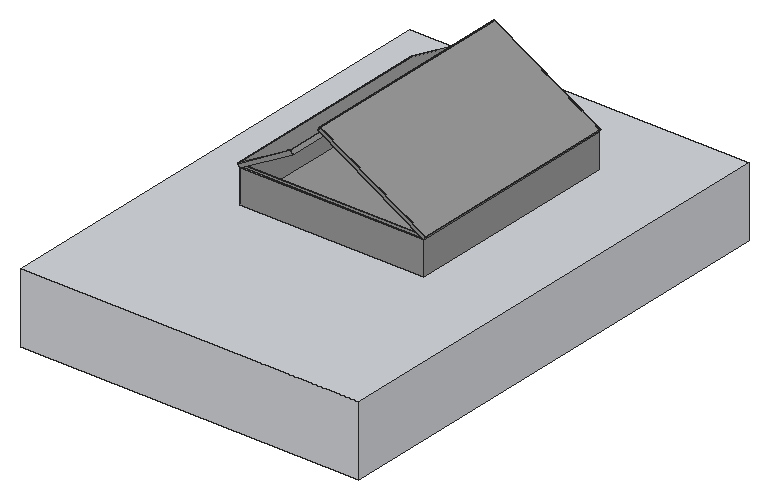
Revit family "Hager-Univers-IP44-D161-Cl.II-FWQ-encl-AT-de", category Equipement électrique, Revit 2020
Family settings
  Hôte = Face
  Configuration du panneau = Deux colonnes, circuits au sein
  Cote de connecteur circulaire = Utiliser le diamètre
  Type d'élément = Tableau de raccordement
  Couper avec des vides une fois chargée = Non
  Partagée = Non
  Point de calcul de pièce = Non
Parameters (values of type "Aufputz IP44 B800 H950 T161  - FWQ63N")
  Width Control [instance] = if([EF000008 - Breite] > Min Width, [EF000008 - Breite], Min Width)  # 800 mm
  Commentaires du type = [HG000003 - Bereich]  # "Univers"
  Thickness Door [instance] = if([EF009171 - Materialstärke Tür/Deckel] > 3 mm, 3 mm, [EF009171 - Materialstärke Tür/Deckel])  # 2 mm
  Seal Frame Offset [instance] = 17 mm  # constant formula
  Plinth Visibility [instance] = [HG000027 - Sockelhöhe] > 0 mm  # no
  Model = ""
  Min Width [instance] = 100 mm  # constant formula
  Min Height [instance] = 100 mm  # constant formula
  Min Depth [instance] = (2 * [EF009170 - Materialstärke Gehäuse]) + 1 mm  # 5 mm
  Internal Frame Depth [instance] = (Door System Depth * 0.5)  # 9 mm
  Height Control [instance] = if([EF000040 - Höhe] > Min Height, [EF000040 - Höhe], Min Height)  # 950 mm
  HG000027 - Sockelhöhe = 0 mm
  HG000026 - Stehend auf dem Boden = no
  HG000024 - Höhe des unteren Teils = 800 mm
  HG000023 - Gehäuse mit doppeltem Querschnitt = no
  HG000016 - 3D-Türsichtbarkeit [instance] = yes
  HG000015 - Sichtbarkeit der Türöffnung [instance] = no
  HG000014 - Tür rechts [instance] = yes
  HG000013 - Tür links [instance] = not([HG000014 - Tür rechts])  # no
  HG000012 - Türschwenkwinkel [instance] = 30.00°
  HG000010 - Asymmetrische Türen = yes
  HG000009 - Doppelflügeligen Tür = yes
  HG000006 - Unterputz = no
  HG000004 - Herstellerreferenz = "FWQ63N"
  HG000003 - Bereich = "Univers"
  HG000002 - Mit tür = yes
  Frame Offset Bottom [instance] = 10 mm  # constant formula
  Frame Offset [instance] = 15 mm  # constant formula
  EF015940 - Deckel mit Überdruckentlastung = no
  EF011959 - Schutzart (NEMA) = ""
  EF009554 - Anzahl der Öffnungen für Flanschplatten = 6
  Fabricant = "Hager"  # constant formula
  EF009212 - Ausführung Deckel = "EV009916 - mit Ausschnitt"
  EF009171 - Materialstärke Tür/Deckel = 2 mm
  EF009170 - Materialstärke Gehäuse = 2 mm
  EF008873 - Nennstrom (In) = 125 A
  EF007800 - Geeignet für Blitzschutz = no
  EF006306 - Mit Schloss = no
  EF006244 - Transparenter Deckel/Tür = no
  EF005474 - Schutzart (IP) = "EV006418 - IP44"
  EF004464 - Art der Tür = "EV002646 - Einzel"
  EF004427 - Anzahl der Module = 144
  EF004293 - Schlagfestigkeit = "EV006815 - IK09"
  EF003532 - Geeignet für Außengebrauch = no
  EF002950 - Breite in Teilungseinheiten = 36
  EF001613 - Funktionserhalt = "EV000494 - ohne"
  EF001596 - Werkstoff des Gehäuses = "EV000179 - Stahl"
  EF001131 - Innentiefe = 161 mm
  EF001088 - Anbaumöglichkeit = yes
  EF000437 - Anzahl der Leitungseinführungen = 12
  EF000339 - Art der Abdeckung = "EV001012 - Deckel"
  EF000266 - Anzahl der Reihen = 3
  EF000218 - Einbautiefe = 0 mm
  EF000118 - Mit Montageplatte = yes
  EF000116 - RAL-Nummer = "9010"
  EF000049 - Tiefe = 161 mm
  EF000040 - Höhe = 950 mm
  EF000008 - Breite = 800 mm
  EF000007 - Farbe = "EV000202 - weiß"
  EF000003 - Montageart = "EV000384 - Aufputz"
  Door System Leaf Tolerance [instance] = 1.5 mm  # constant formula
  Door System Depth [instance] = 18 mm  # constant formula
  Door Height [instance] = Height Control - [HG000027 - Sockelhöhe]  # 950 mm
  Depth Control [instance] = if([EF000049 - Tiefe] > Min Depth, [EF000049 - Tiefe], Min Depth)  # 161 mm
  Default Elevation = 0 mm
  Connector Offset [instance] = Height Control / 2  # 475 mm
  Bottom Top Plate Trim [instance] = 1.5 mm  # constant formula
  Plinth height Ctrl [instance] = if([HG000027 - Sockelhöhe] > 0 mm, [HG000027 - Sockelhöhe], 12 mm)  # 12 mm
Types (14, lengths in mm): name | Width Control | Height Control | HG000010 - Asymmetrische Türen | HG000009 - Doppelflügeligen Tür | HG000004 - Herstellerreferenz | EF009554 - Anzahl der Öffnungen für Flanschplatten | EF004427 - Anzahl der Module | EF002950 - Breite in Teilungseinheiten | EF000437 - Anzahl der Leitungseinführungen | EF000266 - Anzahl der Reihen | EF000040 - Höhe | EF000008 - Breite | Door Height | Connector Offset
  Aufputz IP44 B1050 H1100 T161  - FWQ74N | 1050 | 1100 | no | yes | "FWQ74N" | 8 | 240 | 48 | 16 | 4 | 1100 | 1050 | 1100 | 550
  Aufputz IP44 B1050 H500 T161  - FWQ34P | 1050 | 500 | no | yes | "FWQ34P" | 8 | 144 | 48 | 16 | 4 | 500 | 1050 | 500 | 250
  Aufputz IP44 B1050 H650 T161  - FWQ44P | 1050 | 650 | no | yes | "FWQ44P" | 8 | 192 | 48 | 16 | 4 | 650 | 1050 | 650 | 325
  Aufputz IP44 B300 H650 T161  - FWQ41P | 300 | 650 | no | no | "FWQ41P" | 2 | 48 | 12 | 4 | 1 | 650 | 300 | 650 | 325
  Aufputz IP44 B550 H1100 T161  - FWQ72N | 550 | 1100 | no | no | "FWQ72N" | 4 | 120 | 24 | 8 | 2 | 1100 | 550 | 1100 | 550
  Aufputz IP44 B550 H500 T161  - FWQ32P | 550 | 500 | no | no | "FWQ32P" | 4 | 96 | 24 | 8 | 8 | 500 | 550 | 500 | 250
  Aufputz IP44 B550 H650 T161  - FWQ42P | 550 | 650 | no | no | "FWQ42P" | 4 | 96 | 24 | 8 | 2 | 650 | 550 | 650 | 325
  Aufputz IP44 B550 H800 T161  - FWQ52N | 550 | 800 | no | no | "FWQ52N" | 4 | 72 | 24 | 8 | 2 | 800 | 550 | 800 | 400
  Aufputz IP44 B550 H950 T161  - FWQ62N | 550 | 950 | no | no | "FWQ62N" | 4 | 96 | 24 | 8 | 2 | 950 | 550 | 950 | 475
  Aufputz IP44 B800 H1100 T161  - FWQ73N | 800 | 1100 | yes | yes | "FWQ73N" | 6 | 180 | 36 | 12 | 3 | 1100 | 800 | 1100 | 550
  Aufputz IP44 B800 H500 T161  - FWQ33P | 800 | 500 | yes | yes | "FWQ33P" | 6 | 108 | 36 | 12 | 3 | 500 | 800 | 500 | 250
  Aufputz IP44 B800 H650 T161  - FWQ43P | 800 | 650 | yes | yes | "FWQ43P" | 6 | 144 | 36 | 12 | 3 | 650 | 800 | 650 | 325
  Aufputz IP44 B800 H800 T161  - FWQ53N | 800 | 800 | yes | yes | "FWQ53N" | 6 | 108 | 36 | 12 | 3 | 800 | 800 | 800 | 400
  Aufputz IP44 B800 H950 T161  - FWQ63N | 800 | 950 | yes | yes | "FWQ63N" | 6 | 144 | 36 | 12 | 3 | 950 | 800 | 950 | 475
Reference planes
  plane 1 "Center (Front/Back)": y = 0
  plane 2: z = 0
  plane 3 "Center (Left/Right)": x = 0
  plane 4: z = 161
  plane 5: y = 2
  plane 6: y = 475
  plane 7: y = 0
  plane 8: y = 950
  plane 9: z = 0
  plane 10: x = -385
  plane 11: x = 385
  plane 12: x = 383
  plane 13: x = -383
  plane 14: y = 948
  plane 15: x = -383
  plane 16: x = -400
  plane 17: x = 383
  plane 18: x = 400
  plane 19: x = 398
  plane 20: x = -398
  plane 21: y = 12
  plane 22: y = 950
  plane 23: y = 933
  plane 24: z = 143
  plane 25: z = 2
  plane 26: z = 141
  plane 27: z = 159
Forms (mm)
  Extrusion 1, solid
    sketch origin (0, 0, 0) x (1, 0, 0) y (0, 1, 0)
      loop
        line (-702.964, 1305) -> (-702.964, -811.445) -> (766.763, -811.445) -> (766.763, 1305) -> (-702.964, 1305)
    from 0 to -304.8
  Extrusion 2, solid, material "Hager_Steel_RAL7035_Light_Grey", visible <- "Plinth Visibility", detail levels medium+fine
    sketch origin (0, 0, 0) x (1, 0, 0) y (0, 1, 0)
      loop
        line (-400, 0) -> (400, 0) -> (400, 12) -> (-400, 12) -> (-400, 0)
    from 0 to 143
  Extrusion 3, solid, material "Hager_Steel_RAL7035_Light_Grey", detail levels medium+fine
    sketch origin (0, 0, 0) x (1, 0, 0) y (0, 1, 0)
      loop
        line (-400, 0) -> (400, 0) -> (400, 950) -> (-400, 950) -> (-400, 0)
    from 0 to 143
  Extrusion 4, void
    sketch origin (0, 0, 0) x (1, 0, 0) y (0, 1, 0)
      loop
        line (-398, 2) -> (398, 2) -> (398, 948) -> (-398, 948) -> (-398, 2)
    from 2 to 141
  Extrusion 5, void
    sketch origin (-381.607, -4572, 143) x (0, -1, 0) y (-1, 0, 0)
      loop
        line (-4584, 1.393) -> (-5505, 1.393) -> (-5505, -764.607) -> (-4584, -764.607) -> (-4584, 1.393)
    from 0 to 2 <- "EF009170 - Materialstärke Gehäuse"
  Extrusion 6, solid, material "Hager_Steel_RAL7035_Light_Grey", detail levels fine
    sketch origin (0, 0, 143) x (1, 0, 0) y (0, 1, 0)
      loop
        line (-383, 933) -> (-383, 12) -> (383, 12) -> (383, 933) -> (-383, 933)
      loop
        line (-385, 10) -> (385, 10) -> (385, 935) -> (-385, 935) -> (-385, 10)
    from 0 to 9 <- "Internal Frame Depth"
  Extrusion 7, solid, material "Hager_Steel_RAL7035_Light_Grey", detail levels coarse
    sketch origin (0, 0, 0) x (1, 0, 0) y (0, 1, 0)
      loop
        line (-400, 0) -> (400, 0) -> (400, 950) -> (-400, 950) -> (-400, 0)
    from 0 to 161
  Sweep 8, void
    path in 3D
      loop
        line (-400, 12, 0) -> (400, 12, 0) -> (400, 12, 143) -> (-400, 12, 143) -> (-400, 12, 0)
    profile origin (-400, 12, 71.5) x (-1, 0, 0) y (0, -1, 0)
      loop
        line (0, 0) -> (0, 1.5) -> (-1.5, 1.5)
        arc (-1.5, 1.5) -> (-1.061, 0.439) -> (0, 0) r 1.5
Cuts and joins
  Extrusion 4, Extrusion 5 cuts Extrusion 3
  Sweep 8 cuts Extrusion 2
Lines and regions (mm)
  Masking region 1
    outline origin (0, 0, 0) x (1, 0, 0) y (0, 0, 1)
      loop
        line (-400, 161) -> (-400, 0) -> (400, 0) -> (400, 161) -> (-400, 161)
  Masking region 2, detail levels medium+fine
    outline origin (0, 140, 0) x (0, 1, 0) y (0, 0, 1)
      loop
        line (-140, 0) -> (810, 0) -> (810, 143) -> (-140, 143) -> (-140, 0)
  Masking region 3, not visible, detail levels medium+fine
    outline origin (0, 297.922, 0) x (0, 1, 0) y (0, 0, 1)
      loop
        line (188.578, 0) -> (228.578, 0) -> (228.578, 149)
        arc (228.578, 149) -> (225.649, 156.071) -> (218.578, 159) r 10
        line (218.578, 159) -> (188.578, 159) -> (188.578, 0)
  Masking region 4, detail levels coarse
    outline origin (0, 0, 180) x (0, 1, 0) y (0, 0, 1)
      loop
        line (0, -180) -> (950, -180) -> (950, -19) -> (0, -19) -> (0, -180)
  Masking region 5, visible <- "Plinth Visibility", detail levels medium+fine
    outline origin (0, 52.24, 12.345) x (0, 0, -1) y (0, 1, 0)
      loop
        line (10.845, -40.24) -> (-129.155, -40.24)
        arc (-129.155, -40.24) -> (-129.594, -41.301) -> (-130.655, -41.74) r 1.5
        line (-130.655, -41.74) -> (-130.655, -52.24) -> (12.345, -52.24) -> (12.345, -41.74)
        arc (12.345, -41.74) -> (11.285, -41.301) -> (10.845, -40.24) r 1.5
  Masking region 6, detail levels medium+fine
    outline origin (-381.607, -4572, 143) x (-1, 0, 0) y (0, -1, 0)
      loop
        line (18.393, -5522) -> (18.393, -4572) -> (-781.607, -4572) -> (-781.607, -5522) -> (18.393, -5522)
  Masking region 7, visible <- "Plinth Visibility", detail levels medium+fine
    outline origin (-381.607, -4727, 143) x (-1, 0, 0) y (0, -1, 0)
      loop
        arc (16.893, -4739) -> (17.332, -4737.939) -> (18.393, -4737.5) r 1.5
        line (18.393, -4737.5) -> (18.393, -4727) -> (-781.607, -4727) -> (-781.607, -4737.5)
        arc (-781.607, -4737.5) -> (-780.546, -4737.939) -> (-780.107, -4739) r 1.5
        line (-780.107, -4739) -> (16.893, -4739)
  Masking region 8, detail levels coarse
    outline origin (-442.548, -4669.526, 143) x (-1, 0, 0) y (0, -1, 0)
      loop
        line (-42.548, -5619.526) -> (-42.548, -4669.526) -> (-842.548, -4669.526) -> (-842.548, -5619.526) -> (-42.548, -5619.526)
  sketch lines
    curve 1: line (-400, 12, 143) -> (-400, 12, 0)
    curve 2: line (400, 12, 143) -> (-400, 12, 143)
    curve 3: line (400, 12, 143) -> (400, 12, 0)
    curve 4: line (-400, 12, 0) -> (400, 12, 0)
Dimensions and locks
  "Depth Control": plane 4 to Extrusion 1
  "HG000027 - Sockelhöhe": plane 1 "Center (Front/Back)" to plane 7
  "EF009170 - Materialstärke Gehäuse": plane 5 to plane 7
  locked: connector elem to plane 3 "Center (Left/Right)"
  equal spacing: plane 8, plane 6, plane 7
  locked: connector elem to plane 6
  "EF009170 - Materialstärke Gehäuse": plane 8 to plane 14
  "EF009170 - Materialstärke Gehäuse": plane 10 to plane 13
  "EF009170 - Materialstärke Gehäuse": plane 12 to plane 11
  "Frame Offset": plane 20 to plane 13
  "Frame Offset": plane 12 to plane 19
  "EF009170 - Materialstärke Gehäuse": plane 16 to plane 20
  "EF009170 - Materialstärke Gehäuse": plane 19 to plane 18
  "Seal Frame Offset": plane 16 to plane 15
  "Seal Frame Offset": plane 17 to plane 18
  "Frame Offset Bottom": plane 21 to plane 5
  "Frame Offset": plane 14 to plane 23
  equal spacing: plane 16, plane 3 "Center (Left/Right)", plane 18
  "Width Control": plane 16 to plane 18
  "EF009170 - Materialstärke Gehäuse": plane 4 to plane 27
  "EF009170 - Materialstärke Gehäuse": plane 24 to plane 26
  "EF009170 - Materialstärke Gehäuse": plane 25 to level
  "Door System Depth": plane 4 to plane 24
  "Height Control": plane 1 "Center (Front/Back)" to Extrusion 7 sketch curve
  "Height Control": Masking region 4 sketch curve to plane 1 "Center (Front/Back)"
  "Height Control": plane 1 "Center (Front/Back)" to plane 22
  "Bottom Top Plate Trim": profile plane to Sweep 8 sketch curve
  "Bottom Top Plate Trim": Sweep 8 sketch curve to profile plane
  "Plinth height Ctrl": plane 1 "Center (Front/Back)" to Extrusion 2 sketch curve
  "Plinth height Ctrl": Masking region 5 sketch curve to plane 1 "Center (Front/Back)"
  "Plinth height Ctrl": plane 1 "Center (Front/Back)" to Masking region 7 sketch curve
  "Thickness Door": Extrusion 6 sketch curve to Extrusion 6 sketch curve  (x3)
  "Thickness Door": cut or joined group of Extrusion 3, Extrusion 4, Extrusion 5 to Extrusion 6 sketch curve
  radius of Masking region 3 sketch curve = 10 mm
  "Bottom Top Plate Trim": radius of Masking region 5 sketch curve  (x2)
  "Bottom Top Plate Trim": radius of Sweep 8 sketch curve
  "Bottom Top Plate Trim": radius of Masking region 7 sketch curve  (x2)
  aligned and locked: plane 2 to Extrusion 1
  aligned and locked: level to Extrusion 1
  aligned and locked: level to Masking region 1 sketch curve
  aligned and locked: Masking region 1 sketch curve to plane 18
  aligned and locked: Masking region 1 sketch curve to plane 16
  aligned and locked: plane 7 to Masking region 2 sketch curve
  aligned and locked: level to Masking region 3 sketch curve
  aligned and locked: Masking region 3 sketch curve to plane 27
  aligned and locked: level to Masking region 2 sketch curve
  aligned and locked: plane 1 "Center (Front/Back)" to Extrusion 2 sketch curve
  aligned and locked: Extrusion 3 sketch curve to plane 7
  aligned and locked: plane 16 to Extrusion 3 sketch curve
  aligned and locked: plane 18 to Extrusion 3 sketch curve
  aligned and locked: plane 20 to Extrusion 4 sketch curve
  aligned and locked: plane 19 to Extrusion 4 sketch curve
  aligned and locked: Extrusion 4 sketch curve to plane 5
  aligned and locked: Extrusion 4 to plane 25
  aligned and locked: plane 26 to Extrusion 4
  aligned and locked: plane 24 to Extrusion 3
  aligned and locked: Extrusion 5 sketch curve to plane 21
  aligned and locked: Extrusion 5 sketch curve to plane 13
  aligned and locked: Extrusion 5 sketch curve to plane 12
  aligned and locked: plane 18 to Extrusion 7 sketch curve
  aligned and locked: plane 1 "Center (Front/Back)" to Extrusion 7 sketch curve
  aligned and locked: plane 16 to Extrusion 7 sketch curve
  aligned and locked: plane 4 to Extrusion 7
  aligned and locked: Extrusion 7 to level
  aligned and locked: level to Masking region 4 sketch curve
  aligned and locked: Masking region 4 sketch curve to plane 1 "Center (Front/Back)"
  aligned and locked: Masking region 4 sketch curve to plane 4
  aligned and locked: nested 1 to level
  aligned and locked: nested 1 to plane 16
  aligned and locked: plane 8 to Extrusion 3 sketch curve
  aligned and locked: plane 23 to Extrusion 5 sketch curve
  aligned and locked: plane 14 to Extrusion 4 sketch curve
  aligned and locked: Masking region 2 sketch curve to plane 8
  aligned and locked: level to Masking region 5 sketch curve
  aligned and locked: plane 16 to Extrusion 2 sketch curve
  aligned and locked: plane 18 to Extrusion 2 sketch curve
  aligned and locked: Masking region 5 sketch curve to plane 24
  aligned and locked: Masking region 2 sketch curve to plane 24
  aligned and locked: plane 24 to Extrusion 2
  aligned and locked: profile plane to Sweep 8 sketch curve  (x2)
  aligned and locked: Masking region 6 sketch curve to plane 18
  aligned and locked: Masking region 6 sketch curve to plane 22
  aligned and locked: Masking region 6 sketch curve to plane 16
  aligned and locked: plane 8 to plane 22
  aligned and locked: Masking region 6 sketch curve to plane 7
  aligned and locked: Masking region 7 sketch curve to plane 16
  aligned and locked: Masking region 7 sketch curve to plane 1 "Center (Front/Back)"
  aligned and locked: Masking region 7 sketch curve to plane 18
  aligned and locked: Masking region 8 sketch curve to plane 1 "Center (Front/Back)"
  aligned and locked: Masking region 8 sketch curve to plane 18
  aligned and locked: Masking region 8 sketch curve to plane 22
  aligned and locked: Masking region 8 sketch curve to plane 16
  aligned and locked: nested 2 to plane 7
  aligned and locked: plane 3 "Center (Left/Right)" to nested 2
  aligned and locked: nested 2 to plane 24
  aligned and locked: Extrusion 6 sketch curve to cut or joined group of Extrusion 3, Extrusion 4, Extrusion 5  (x4)
Automatic sketch dimensions
  Extrusion 1 sketch curve to Extrusion 1 sketch curve = 1469.727 mm
  Extrusion 1 sketch curve to Extrusion 1 sketch curve = 2116.445 mm
  Masking region 1 sketch curve to plane 4 = 0 mm
  plane 6 to Masking region 3 sketch curve = 11.5 mm
  Masking region 3 sketch curve to Masking region 3 sketch curve = 30 mm
  Masking region 5 sketch curve to plane 1 "Center (Front/Back)" = 0 mm
Nested families
  nested 1: "Hager_Enclosure_Symbol" at (-400, 0, 0) x (1, 0, 0) z (0, -1, 0), Height <- "Depth Control", Width <- "Width Control", type "Hager_Enclosure_Symbol"
    with Width_Ctrl 800 mm, Width 800 mm, Height_Ctrl 161 mm, Height 161 mm, A_Width_Int 10.566 mm, A_Width 126.788 mm, A_Height_Ctrl 140.875 mm, A_Height 140.875 mm
  nested 2: "EC000058_Univers_Door" at (0, 0, 143) x (1, 0, 0) z (0, 1, 0), Leaf_Tolerance <- "Door System Leaf Tolerance", Angle <- "HG000012 - Türschwenkwinkel", Door_Depth <- "Door System Depth", Door_Left <- "HG000013 - Tür links", Transparent <- "EF006244 - Transparenter Deckel/Tür", Assymetrical <- "HG000010 - Asymmetrische Türen", Width <- "Width Control", Clearance <- "HG000015 - Sichtbarkeit der Türöffnung", Double <- "HG000009 - Doppelflügeligen Tür", 3d_Door <- "HG000016 - 3D-Türsichtbarkeit", Lock_Visibility <- "EF006306 - Mit Schloss", Width_Ctrl <- "Width Control", Door_Right <- "HG000014 - Tür rechts", Door <- "HG000002 - Mit tür", Height <- "Door Height", Thickness <- "Thickness Door", type "EC000058_Univers_Door", detail levels medium+fine
    with min_wh 5 mm, Width_Ctrl 800 mm, Width 800 mm, Transparent no, Thickness 2 mm, Seal_Material Hager_Rubber, Lock_Visibility no, Lock_Material Hager_Plastic_RAL9005_Jet_Black, Leaf_Width 800 mm, Leaf_Tolerance_External_Sides 0 mm, Leaf_Tolerance 1.5 mm, Leaf_Offset 0 mm, Leaf_Height 947 mm, Leaf_2_Width 532.583 mm, Leaf_2_Offset 266.292 mm, Leaf_1_Width 265.917 mm, Leaf_1_Offset 132.958 mm, Height_Ctrl 950 mm, Height 950 mm, Glass_Material Hager_Glass, Double_Clearance_Ctrl no, Double yes, Door_Right_Ctrl yes, Door_Right yes, Door_Material Hager_Steel_RAL7035_Light_Grey, Door_Left_Ctrl yes, Door_Left no, Door_Depth 18 mm, Door yes, Clearance_Material Hager_Clearance, Clearance_Depth 532.583 mm, Clearance_Ctrl no, Clearance no, Assymetrical yes, Angle 30.00°, 3d_Door yes
Connectors
  electrical at (0, 475, 0)
    settings: on plane 9, index 1, voltage 0 V, apparent load 0 VA, apparent load phase1 0 VA, apparent load phase2 0 VA, apparent load phase3 0 VA, power factor 1, load classification "Other", number of poles 1, system type 30, power factor state 1, is connector primary yes, connector utility no, sub classification motor no, connector description ""
Definition of nested family "EC000058_Univers_Door"
  Parameters (values of type "EC000058_Univers_Door")
    min_wh [instance] = (2 * Thickness) + 1 mm  # 11 mm
    Width_Ctrl [instance] = 400 mm
    Width [instance] = 500 mm
    Transparent [instance] = yes
    Thickness [instance] = 5 mm
    Seal_Material [instance] = none
    Lock_Visibility [instance] = yes
    Lock_Material [instance] = none
    Leaf_Width [instance] = if((Width_Ctrl - 2 * Leaf_Tolerance_External_Sides) > 0 mm, (Width_Ctrl - 2 * Leaf_Tolerance_External_Sides), min_wh)  # 400 mm
    Leaf_Tolerance_External_Sides [instance] = 0 mm  # constant formula
    Leaf_Tolerance [instance] = 1.5 mm
    Leaf_Offset [instance] = 0 mm  # constant formula
    Leaf_Height [instance] = if((Height_Ctrl - 2 * Leaf_Tolerance) > 0 mm, (Height_Ctrl - 2 * Leaf_Tolerance), min_wh)  # 497 mm
    Leaf_2_Width [instance] = if(and(and(Double, Assymetrical), Door_Left), (Leaf_Width / 3) - (Leaf_Tolerance / 2), if(and(and(Double, Assymetrical), Door_Right), (Leaf_Width / 3) * 2 - (Leaf_Tolerance / 2), if(and(Double, not(Assymetrical)), (Leaf_Width / 2) - Leaf_Tolerance, Leaf_Width)))  # 400 mm
    Leaf_2_Offset [instance] = if(and(Double, Assymetrical), Leaf_2_Width / 2, if(and(Double, not(Assymetrical)), Leaf_Width / 4, Leaf_Width / 2))  # 200 mm
    Leaf_1_Width [instance] = if(and(and(Double, Assymetrical), Door_Right), (Leaf_Width / 3) - (Leaf_Tolerance / 2), if(and(and(Double, Assymetrical), Door_Left), (Width / 3) * 2 - (Leaf_Tolerance / 2), if(and(Double, not(Assymetrical)), (Leaf_Width / 2) - Leaf_Tolerance, Leaf_Width)))  # 400 mm
    Leaf_1_Offset [instance] = if(and(Double, Assymetrical), Leaf_1_Width / 2, if(and(Double, not(Assymetrical)), Leaf_Width / 4, Leaf_Width / 2))  # 200 mm
    Height_Ctrl [instance] = if(Height > min_wh, Height, min_wh)  # 500 mm
    Height [instance] = 500 mm
    Glass_Material [instance] = none
    Double_Clearance_Ctrl [instance] = and(Double, Clearance)  # no
    Double [instance] = no
    Door_Right_Ctrl [instance] = and(or(Door_Right, Double), Door)  # yes
    Door_Right [instance] = yes
    Door_Material [instance] = none
    Door_Left_Ctrl [instance] = and(or(Door_Left, Double), Door)  # no
    Door_Left [instance] = no
    Door_Depth [instance] = 30 mm
    Door [instance] = yes
    Default Elevation = 1219.2 mm
    Clearance_Material [instance] = none
    Clearance_Depth [instance] = if(Leaf_1_Width > Leaf_2_Width, Leaf_1_Width, Leaf_2_Width)  # 400 mm
    Clearance_Ctrl [instance] = and(not(Double), Clearance)  # yes
    Clearance [instance] = yes
    Assymetrical [instance] = yes
    Angle [instance] = 30.00°
    3d_Door [instance] = yes
  Reference planes
    plane 1 "Center (Front/Back)": y = 0
    plane 2 "Bottom": z = 0
    plane 3 "Center (Left/Right)": x = 0
    plane 4: z = 500
    plane 5: x = -200
    plane 6: x = 200
    plane 7: z = 500
    plane 8: x = -200
    plane 9: z = 0
    plane 10: x = 200
    plane 11: y = 0
    plane 12: z = 1.5
    plane 13: x = -600
    plane 14: y = -400
    plane 15: x = 600
    plane 16: x = 0
    plane 17: x = 0
    plane 18: x = -200
    plane 19: x = 200
    plane 20: z = 498.5
  Forms (mm)
    Extrusion 1, solid, material <- "Clearance_Material", visible <- "Double_Clearance_Ctrl"
      sketch origin (1200, 0, 0) x (1, 0, 0) y (0, 0, -1)
        loop
          line (-1800, -498.5) -> (-600, -498.5) -> (-600, 0) -> (-1800, 0) -> (-1800, -498.5)
      from 0 to -400
  Dimensions and locks
    equal spacing: plane 5, plane 3 "Center (Left/Right)", plane 6
    "Width_Ctrl": plane 5 to plane 6
    "Leaf_Offset": plane 5 to plane 8
    "Leaf_Offset": plane 6 to plane 10
    "Leaf_Offset": plane 9 to level
    "Leaf_Offset": plane 4 to plane 7
    "Height_Ctrl": plane 4 to level
    "Leaf_Tolerance": plane 12 to plane 9
    locked: plane 11 to plane 1 "Center (Front/Back)"
    "Leaf_1_Offset": plane 18 to plane 16
    "Leaf_2_Offset": plane 17 to plane 19
    "Leaf_1_Width": plane 13 to plane 8
    "Leaf_2_Width": plane 10 to plane 15
    "Clearance_Depth": plane 14 to plane 1 "Center (Front/Back)"
    "Leaf_Tolerance_External_Sides": plane 8 to plane 18
    "Leaf_Tolerance_External_Sides": plane 19 to plane 10
    "Leaf_Tolerance": plane 7 to plane 20
    aligned and locked: level to plane 2 "Bottom"
    aligned and locked: nested 1 to plane 16
    aligned and locked: nested 2 to plane 17
    aligned and locked: Extrusion 1 to plane 13
    aligned and locked: plane 15 to Extrusion 1
    aligned and locked: Extrusion 1 to plane 14
    aligned and locked: plane 12 to nested 1
    aligned and locked: nested 2 to plane 12
    aligned and locked: Extrusion 1 to plane 11
    aligned and locked: plane 20 to Extrusion 1
    aligned and locked: nested 2 to plane 11
    aligned and locked: nested 1 to plane 11
  Automatic sketch dimensions
    Extrusion 1 sketch curve to level = 0 mm
    plane 5 to Extrusion 1 sketch curve = 400 mm
    plane 6 to Extrusion 1 sketch curve = 400 mm
    Extrusion 1 sketch curve to plane 4 = 1.5 mm
  Nested families
    nested 1: "EC000058_Univers_Door_Leaf" at (0, 0, 1.5), Width <- "Leaf_1_Width", visible <- "Door_Left_Ctrl", Leaf_Height <- "Leaf_Height", Angle <- "Angle", 3d_Door <- "3d_Door", Transparent <- "Transparent", Clearance Material <- "Clearance_Material", Clearance <- "Clearance_Ctrl", Door_Material <- "Door_Material", Glass_Material <- "Glass_Material", Door_Depth <- "Door_Depth", Lock_Material <- "Lock_Material", Seal_Material <- "Seal_Material", Lock_Visibility <- "Lock_Visibility", Thickness <- "Thickness", type "EC000058_Univers_Door_Leaf"
      with Width 400 mm, Transparent_Glass_Offset 30 mm, Transparent_Ctrl yes, Transparent yes, Thickness 5 mm, Standard no, Seal_Material none, Seal_D2 8 mm, Seal_D1 1 mm, Offset_Internal_Frame 10 mm, Lock_Width 20 mm, Lock_Visibility_3d yes, Lock_Visibility yes, Lock_Thickness_3 3 mm, Lock_Thickness_2 1 mm, Lock_Thickness_1 3 mm, Lock_Radius_Offset_2 16 mm, Lock_Radius_Offset_1 15 mm, Lock_Radius_2 5 mm, Lock_Radius 6 mm, Lock_Offset 5 mm, Lock_Material none, Lock_Height 80 mm, Lock_Cover_Top_Offset_2d 17 mm, Lock_Cover_Height -65 mm, Leaf_Height 497 mm, Internal_Seal_Thickness 8 mm, Internal_Seal_Depth_2 4.5 mm, Internal_Frame_Depth 25 mm, Glass_Thickness -1 mm, Glass_Offset -2 mm, Glass_Material none, Door_Material none, Door_Depth 30 mm, Clearance Material none, Clearance yes, Angle_Ctrl 30.00°, Angle 30.00°, 3d_Door yes
    nested 2: "EC000058_Univers_Door_Leaf" at (0, 0, 1.5) x (-1, 0, 0) z (0, 0, 1), Width <- "Leaf_2_Width", visible <- "Door_Right_Ctrl", Leaf_Height <- "Leaf_Height", Angle <- "Angle", 3d_Door <- "3d_Door", Transparent <- "Transparent", Clearance Material <- "Clearance_Material", Clearance <- "Clearance_Ctrl", Door_Material <- "Door_Material", Glass_Material <- "Glass_Material", Door_Depth <- "Door_Depth", Lock_Material <- "Lock_Material", Seal_Material <- "Seal_Material", Lock_Visibility <- "Lock_Visibility", Thickness <- "Thickness", type "EC000058_Univers_Door_Leaf"
      with Width 400 mm, Transparent_Glass_Offset 30 mm, Transparent_Ctrl yes, Transparent yes, Thickness 5 mm, Standard no, Seal_Material none, Seal_D2 8 mm, Seal_D1 1 mm, Offset_Internal_Frame 10 mm, Lock_Width 20 mm, Lock_Visibility_3d yes, Lock_Visibility yes, Lock_Thickness_3 3 mm, Lock_Thickness_2 1 mm, Lock_Thickness_1 3 mm, Lock_Radius_Offset_2 16 mm, Lock_Radius_Offset_1 15 mm, Lock_Radius_2 5 mm, Lock_Radius 6 mm, Lock_Offset 5 mm, Lock_Material none, Lock_Height 80 mm, Lock_Cover_Top_Offset_2d 17 mm, Lock_Cover_Height -65 mm, Leaf_Height 497 mm, Internal_Seal_Thickness 8 mm, Internal_Seal_Depth_2 4.5 mm, Internal_Frame_Depth 25 mm, Glass_Thickness -1 mm, Glass_Offset -2 mm, Glass_Material none, Door_Material none, Door_Depth 30 mm, Clearance Material none, Clearance yes, Angle_Ctrl 30.00°, Angle 30.00°, 3d_Door yes
  Definition of nested family "EC000058_Univers_Door_Leaf"
    Parameters (values of type "EC000058_Univers_Door_Leaf")
      Width [instance] = 2000 mm
      Transparent_Glass_Offset [instance] = 30 mm
      Transparent_Ctrl [instance] = and(Transparent, [3d_Door])  # yes
      Transparent [instance] = yes
      Thickness [instance] = 5 mm
      Standard [instance] = and(not(Transparent), [3d_Door])  # no
      Seal_Material [instance] = none
      Seal_D2 [instance] = 8 mm  # constant formula
      Seal_D1 [instance] = 1 mm  # constant formula
      Offset_Internal_Frame [instance] = 10 mm  # constant formula
      Lock_Width [instance] = 20 mm  # constant formula
      Lock_Visibility_3d [instance] = and(Lock_Visibility, [3d_Door])  # yes
      Lock_Visibility [instance] = yes
      Lock_Thickness_3 [instance] = 3 mm  # constant formula
      Lock_Thickness_2 [instance] = 1 mm  # constant formula
      Lock_Thickness_1 [instance] = 3 mm  # constant formula
      Lock_Radius_Offset_2 [instance] = Lock_Radius_Offset_1 + 1 mm  # 16 mm
      Lock_Radius_Offset_1 [instance] = 15 mm  # constant formula
      Lock_Radius_2 [instance] = Lock_Radius - 1 mm  # 5 mm
      Lock_Radius [instance] = 6 mm  # constant formula
      Lock_Offset [instance] = 5 mm  # constant formula
      Lock_Material [instance] = none
      Lock_Height [instance] = 80 mm  # constant formula
      Lock_Cover_Top_Offset_2d [instance] = Lock_Radius_Offset_2 + 1 mm  # 17 mm
      Lock_Cover_Height [instance] = -(Lock_Height - Lock_Radius_Offset_1)  # -65 mm
      Leaf_Height [instance] = 2720.336 mm
      Internal_Seal_Thickness [instance] = 8 mm  # constant formula
      Internal_Seal_Depth_2 [instance] = 4.5 mm  # constant formula
      Internal_Frame_Depth [instance] = if(Door_Depth - Thickness > 5 mm, Door_Depth - Thickness, 5 mm)  # 25 mm
      Glass_Thickness [instance] = if(Thickness > 15 mm, Glass_Offset + 10 mm, -1 mm)  # -1 mm
      Glass_Offset [instance] = if(Thickness > 15 mm, -(Thickness + 10 mm) / 2, -2 mm)  # -2 mm
      Glass_Material [instance] = none
      Door_Material [instance] = none
      Door_Depth [instance] = 30 mm
      Default Elevation = 0 mm
      Clearance Material [instance] = none
      Clearance [instance] = yes
      Angle_Ctrl [instance] = if(Angle > 180.00°, 180.00°, Angle)  # 90.00°
      Angle [instance] = 90.00°
      3d_Door [instance] = yes
    Reference planes
      plane 1 "Center (Front/Back)": y = 0
      plane 2: z = 0
      plane 3 "Center (Left/Right)": x = 0
      plane 4: y = 2000
      plane 5: x = -1000
      plane 6: x = 1000
      plane 7: x = -3000
      plane 8: z = 2720.336
      plane 9: z = 30
      plane 10: z = 2690.336
      plane 11: x = 970
      plane 12: x = -970
      plane 13: y = -3
      plane 14: z = 107.833
      plane 15: y = -5
      plane 16: y = -223.314
      plane 17: x = -1000
      plane 18: z = 1360.168
      plane 19: y = 30
    Forms (mm)
      Extrusion 1, solid, material <- "Clearance Material", visible <- "Clearance"
        sketch origin (0, 0, 0) x (1, 0, 0) y (0, 0, 1)
          loop
            line (-3000, 2720.336) -> (-3000, 0) -> (1000, 0) -> (1000, 2720.336) -> (-3000, 2720.336)
        from 0 to -2000
      Extrusion 2, solid, material <- "Door_Material", visible <- "Standard", detail levels medium+fine
        sketch origin (-1000, 0, 0) x (0, 1, 0) y (-1, 0, 0)
          loop
            line (0, 30) -> (0, 25) -> (2000, 25) -> (2000, 30) -> (0, 30)
        from 0 to 2720.336 <- "Leaf_Height"
      Extrusion 3, solid, material <- "Door_Material", visible <- "Transparent_Ctrl", detail levels medium+fine
        sketch origin (-1000, 0, 0) x (0, 1, 0) y (-1, 0, 0)
          loop
            line (0, 25) -> (2000, 25) -> (2000, 30) -> (0, 30) -> (0, 25)
        from 0 to 2720.336 <- "Leaf_Height"
      Extrusion 4, void
        sketch origin (-1025, 2000, 0) x (0, 1, 0) y (0, 0, -1)
          loop
            line (-30, -2690.336) -> (-30, -30) -> (-1970, -30) -> (-1970, -2690.336) -> (-30, -2690.336)
        from 0 to 5 <- "Thickness"
      Sweep 5, solid, material <- "Seal_Material", visible <- "Transparent_Ctrl", detail levels fine
        path in 3D
          loop
            line (-1025, 30, 30) -> (-1025, 30, 2690.336) -> (-1025, 1970, 2690.336) -> (-1025, 1970, 30) -> (-1025, 30, 30)
        profile origin (-1025, 1000, 30) x (1, 0, 0) y (0, 0, 1)
          loop
            line (0, 0) -> (0, -8) -> (1, -8) -> (1, 0) -> (0, 0)
      Extrusion 6, solid, material <- "Glass_Material", visible <- "Transparent_Ctrl", detail levels medium+fine
        sketch origin (-1030, 0, 0) x (0, 1, 0) y (0, 0, -1)
          loop
            line (1970, -2690.336) -> (1970, -30) -> (30, -30) -> (30, -2690.336) -> (1970, -2690.336)
        from -2 <- "Glass_Offset" to -1 <- "Glass_Thickness"
      Extrusion 7, solid, material <- "Door_Material", visible <- "3d_Door", detail levels medium+fine
        sketch origin (-1025, 2000, 0) x (0, -1, 0) y (0, 0, -1)
          loop
            line (0, -2720.336) -> (2000, -2720.336) -> (2000, 0) -> (0, 0) -> (0, -2720.336)
          loop
            line (1995, -5) -> (5, -5) -> (5, -2715.336) -> (1995, -2715.336) -> (1995, -5)
        from 0 to 25 <- "Internal_Frame_Depth"
      Sweep 8, solid, material <- "Seal_Material", visible <- "Transparent_Ctrl", detail levels fine
        path in 3D
          loop
            line (-1025, 0, 0) -> (-1025, 2000, 0) -> (-1025, 2000, 2720.336) -> (-1025, 0, 2720.336) -> (-1025, 0, 0)
        profile origin (-1025, 0, 1360.168) x (1, 0, 0) y (0, 1, 0)
          loop
            line (0, 10) -> (2.975, 10)
            arc (2.975, 10) -> (4.053, 10.447) -> (4.5, 11.525) r 1.525
            line (4.5, 11.525) -> (4.5, 16.527)
            arc (4.5, 16.527) -> (4.069, 17.569) -> (3.027, 18) r 1.473
            line (3.027, 18) -> (0, 18) -> (0, 10)
      Extrusion 9, solid, material <- "Lock_Material", visible <- "Lock_Visibility_3d", detail levels fine
        sketch origin (-1030, 0, 0) x (0, 1, 0) y (0, 0, -1)
          loop
            arc (1993.5, -1400.168) -> (1994.561, -1399.729) -> (1995, -1398.668) r 1.5
            line (1995, -1398.668) -> (1995, -1320.168) -> (1975, -1320.168) -> (1975, -1398.668)
            arc (1975, -1398.668) -> (1975.439, -1399.729) -> (1976.5, -1400.168) r 1.5
            line (1976.5, -1400.168) -> (1993.5, -1400.168)
        from 3 <- "Lock_Thickness_1" to 0
      Blend 10, solid, material <- "Lock_Material", visible <- "Lock_Visibility_3d", detail levels fine
        base sketch origin (-1033, 0, 0) x (0, 1, 0) y (0, 0, -1)
          loop
            line (1975, -1320.168) -> (1975, -1398.668)
            arc (1975, -1398.668) -> (1975.439, -1399.729) -> (1976.5, -1400.168) r 1.5
            line (1976.5, -1400.168) -> (1993.5, -1400.168)
            arc (1993.5, -1400.168) -> (1994.561, -1399.729) -> (1995, -1398.668) r 1.5
            line (1995, -1398.668) -> (1995, -1320.168) -> (1975, -1320.168)
        top sketch origin (-1033, 0, 0) x (0, 1, 0) y (0, 0, -1)
          loop
            line (1976, -1320.168) -> (1976, -1398.668)
            arc (1976, -1398.668) -> (1976.146, -1399.022) -> (1976.5, -1399.168) r 0.5
            line (1976.5, -1399.168) -> (1993.5, -1399.168)
            arc (1993.5, -1399.168) -> (1993.854, -1399.022) -> (1994, -1398.668) r 0.5
            line (1994, -1398.668) -> (1994, -1320.168) -> (1976, -1320.168)
        from 0 to 1 <- "Lock_Thickness_2"
      Blend 11, solid, material <- "Lock_Material", visible <- "Lock_Visibility_3d", detail levels fine
        base sketch origin (-1034, 0, 0) x (0, 1, 0) y (0, 0, -1)
          loop
            line (1978, -1320.168) -> (1978, -1384.168)
            arc (1978, -1384.168) -> (1985, -1391.168) -> (1992, -1384.168) r 7
            line (1992, -1384.168) -> (1992, -1320.168) -> (1978, -1320.168)
        top sketch origin (-1034, 0, 0) x (0, 1, 0) y (0, 0, -1)
          loop
            line (1991, -1320.168) -> (1979, -1320.168) -> (1979, -1383.168)
            arc (1979, -1383.168) -> (1985, -1389.168) -> (1991, -1383.168) r 6
            line (1991, -1383.168) -> (1991, -1320.168)
        from 0 to 3 <- "Lock_Thickness_3"
      Extrusion 12, solid, material <- "Lock_Material", visible <- "Lock_Visibility_3d", detail levels fine
        sketch origin (-1030, 1975, 1320.168) x (1, 0, 0) y (0, -1, 0)
          loop
            line (-7, -19) -> (-7, -1) -> (0, -1) -> (0, 0) -> (-8, 0) -> (-8, -20) -> (0, -20) -> (0, -19) -> (-7, -19)
        from 0 to -65 <- "Lock_Cover_Height"
      Extrusion 13, void
        sketch origin (-1038, 1995, 1320.168) x (-1, 0, 0) y (0, 0, -1)
          loop
            line (-5, -65) -> (0, -65) -> (-5, -60) -> (-5, -65)
        from 0 to 20 <- "Lock_Width"
      Extrusion 14, void
        sketch origin (-1038, 1975, 1320.168) x (0, -1, 0) y (0, 0, -1)
          loop
            circle (-10, -15.995) r 6
          loop
            circle (-10, -15.995) r 5
        from 0 to 2
      Extrusion 15, solid, material <- "Lock_Material", visible <- "Lock_Visibility_3d", detail levels medium
        sketch origin (-1030, 0, 0) x (0, 1, 0) y (0, 0, -1)
          loop
            arc (1993.5, -1400.168) -> (1994.561, -1399.729) -> (1995, -1398.668) r 1.5
            line (1995, -1398.668) -> (1995, -1320.168) -> (1975, -1320.168) -> (1975, -1398.668)
            arc (1975, -1398.668) -> (1975.439, -1399.729) -> (1976.5, -1400.168) r 1.5
            line (1976.5, -1400.168) -> (1993.5, -1400.168)
        from 8 to 0
    Cuts and joins
      Extrusion 4 cuts Extrusion 3
      Extrusion 13, Extrusion 14 cuts Extrusion 9
      Extrusion 14 cuts Blend 11
      Extrusion 13, Extrusion 14 cuts Extrusion 12
      joined: Extrusion 9, Blend 10, Blend 11, Extrusion 12
      Extrusion 14 cuts Extrusion 15
    Lines and regions (mm)
      Masking region 1, visible <- "Lock_Visibility", detail levels fine
        outline origin (0, 0, 0) x (0, 1, 0) y (0, 0, 1)
          loop
            line (30, 1320.168) -> (33, 1320.168) -> (33, 1400.168) -> (30, 1400.168) -> (30, 1320.168)
      Masking region 2, visible <- "Lock_Visibility", detail levels fine
        outline origin (0, 3.143, 0) x (0, 1, 0) y (0, 0, 1)
          loop
            line (29.857, 1354.168) -> (30.857, 1354.168) -> (30.857, 1366.168) -> (29.857, 1366.168) -> (29.857, 1354.168)
      Masking region 3, detail levels medium+fine
        outline origin (0, 0, 0) x (0, 1, 0) y (0, 0, 1)
          loop
            line (0, 0) -> (30, 0) -> (30, 2720.336) -> (0, 2720.336) -> (0, 0)
      Masking region 4, detail levels medium+fine
        outline origin (0, 0, 0) x (1, 0, 0) y (0, 0, 1)
          loop
            line (-1000, 2720.336) -> (-1000, 0) -> (1000, 0) -> (1000, 2720.336) -> (-1000, 2720.336)
      Masking region 5, visible <- "Lock_Visibility", detail levels fine
        outline origin (-47.116, 0, 0) x (1, 0, 0) y (0, 0, 1)
          loop
            arc (1024.616, 1399.168) -> (1023.556, 1398.729) -> (1023.116, 1397.668) r 1.5
            line (1023.116, 1397.668) -> (1023.116, 1320.168) -> (1041.116, 1320.168) -> (1041.116, 1397.668)
            arc (1041.116, 1397.668) -> (1040.677, 1398.729) -> (1039.616, 1399.168) r 1.5
            line (1039.616, 1399.168) -> (1024.616, 1399.168)
      Masking region 6, visible <- "Lock_Visibility", detail levels medium+fine
        outline origin (-25, 0, 0) x (1, 0, 0) y (0, 0, 1)
          loop
            arc (1001.5, 1400.168) -> (1000.439, 1399.729) -> (1000, 1398.668) r 1.5
            line (1000, 1398.668) -> (1000, 1320.168) -> (1020, 1320.168) -> (1020, 1398.668)
            arc (1020, 1398.668) -> (1019.561, 1399.729) -> (1018.5, 1400.168) r 1.5
            line (1018.5, 1400.168) -> (1001.5, 1400.168)
      Masking region 7, visible <- "Lock_Visibility", detail levels fine
        outline origin (-73.735, 0, 0) x (1, 0, 0) y (0, 0, 1)
          loop
            line (1051.735, 1382.168) -> (1065.735, 1382.168) -> (1065.735, 1384.168)
            arc (1065.735, 1384.168) -> (1058.735, 1391.168) -> (1051.735, 1384.168) r 7
            line (1051.735, 1384.168) -> (1051.735, 1382.168)
      Masking region 8, visible <- "Lock_Visibility", detail levels fine
        outline origin (-73.735, 0, 0) x (1, 0, 0) y (0, 0, 1)
          loop
            line (1052.735, 1382.168) -> (1064.735, 1382.168) -> (1064.735, 1383.168)
            arc (1064.735, 1383.168) -> (1058.735, 1389.168) -> (1052.735, 1383.168) r 6
            line (1052.735, 1383.168) -> (1052.735, 1382.168)
      Masking region 9, visible <- "Lock_Visibility", detail levels fine
        outline origin (-25, 0, 0) x (1, 0, 0) y (0, 0, 1)
          loop
            line (1020, 1320.168) -> (1020, 1382.168) -> (1000, 1382.168) -> (1000, 1320.168) -> (1020, 1320.168)
      Masking region 10, detail levels medium+fine
        outline origin (0, 0, 0) x (1, 0, 0) y (0, 0, 1)
          loop
            circle (985, 1335.144) r 6
      Masking region 11, detail levels fine
        outline origin (0, 0, 0) x (1, 0, 0) y (0, 0, 1)
          loop
            circle (985, 1335.144) r 5
      Masking region 12, visible <- "Lock_Visibility", detail levels fine
        outline origin (0, 12.767, 0) x (0, 1, 0) y (0, 0, 1)
          loop
            line (20.233, 1320.168) -> (21.233, 1320.168) -> (21.233, 1399.168) -> (20.233, 1400.168) -> (20.233, 1320.168)
      Masking region 13, visible <- "Lock_Visibility", detail levels fine
        outline origin (0, 13.767, -10) x (0, 1, 0) y (0, 0, 1)
          loop
            line (20.233, 1330.168) -> (23.233, 1330.168) -> (23.233, 1399.168) -> (20.233, 1402.168) -> (20.233, 1330.168)
      Masking region 14, visible <- "Lock_Visibility", detail levels fine
        outline origin (0, 12.767, -10) x (0, 1, 0) y (0, 0, 1)
          loop
            line (20.233, 1330.168) -> (25.233, 1330.168) -> (25.233, 1399.305) -> (20.233, 1394.305) -> (20.233, 1330.168)
      Masking region 15, visible <- "Lock_Visibility", detail levels medium
        outline origin (0, 0, 0) x (0, 1, 0) y (0, 0, 1)
          loop
            line (30, 1320.168) -> (38, 1320.168) -> (38, 1400.168) -> (30, 1400.168) -> (30, 1320.168)
      Masking region 16, visible <- "Lock_Visibility", detail levels fine
        outline origin (-1000, 0, 0) x (0, 1, 0) y (-1, 0, 0)
          loop
            line (1975, 30) -> (1995, 30) -> (1995, 38) -> (1975, 38) -> (1975, 30)
          loop
            line (1979, 37) -> (1976, 37) -> (1976, 34) -> (1978, 34) -> (1979, 37)
          loop
            line (1994, 37) -> (1991, 37) -> (1992, 34) -> (1994, 34) -> (1994, 37)
      Masking region 17, visible <- "Lock_Visibility", detail levels medium
        outline origin (-1000, 0, 0) x (0, 1, 0) y (-1, 0, 0)
          loop
            line (1975, 30) -> (1995, 30) -> (1995, 38) -> (1975, 38) -> (1975, 30)
      symbolic lines
        curve 1: line (1000, 0, 0) -> (-3000, 0, 0)
        curve 2: arc (1000, 0, 0) -> (-1000, 2000, 0) -> (-3000, 0, 0) r 2000
        curve 4: line (-1030, 0, 0) -> (-1030, 2000, 0)
      reference lines
        curve 3: line (-1000, 0, 0) -> (-1000, 2000, 0)
      symbolic lines, detail levels medium+fine
        curve 5: line (-1030, 2000, 0) -> (-1025, 2000, 0)
        curve 7: line (-1025, 0, 0) -> (-1030, 0, 0)
        curve 8: line (-1025, 0, 0) -> (-1000, 0, 0)
        curve 9: line (-1000, 0, 0) -> (-1000, 2000, 0)
        curve 10: line (-1000, 2000, 0) -> (-1025, 2000, 0)
      symbolic lines, detail levels fine
        curve 6: line (-1025, 2000, 0) -> (-1025, 0, 0)
      sketch lines
        curve 11: line (-1025, 0, 2720.336) -> (-1025, 0, 0)
        curve 12: line (-1025, 2000, 0) -> (-1025, 0, 0)
        curve 13: line (-1025, 2000, 2720.336) -> (-1025, 2000, 0)
        curve 14: line (-1025, 0, 2720.336) -> (-1025, 2000, 2720.336)
        curve 15: line (-1025, 1970, 30) -> (-1025, 30, 30)
        curve 16: line (-1025, 30, 30) -> (-1025, 30, 2690.336)
        curve 17: line (-1025, 1970, 2690.336) -> (-1025, 1970, 30)
        curve 18: line (-1025, 30, 2690.336) -> (-1025, 1970, 2690.336)
      symbolic lines, visible <- "Transparent", detail levels medium+fine
        curve 19: line (-970, 0, 2690.336) -> (970, 0, 2690.336)
        curve 20: line (-970, 0, 30) -> (-970, 0, 2690.336)
        curve 21: line (970, 0, 30) -> (-970, 0, 30)
        curve 22: line (970, 0, 2690.336) -> (970, 0, 30)
    Dimensions and locks
      "Width": plane 1 "Center (Front/Back)" to plane 4
      equal spacing: plane 5, plane 3 "Center (Left/Right)", plane 6
      "Width": plane 5 to plane 6
      "Width": plane 7 to plane 5
      "Leaf_Height": plane 8 to level
      "Width": curve 5 to curve 3
      "Width": curve 3 to curve 3
      plane 8 to plane 10 = 30 mm
      plane 9 to level = 30 mm
      plane 12 to plane 5 = 30 mm
      plane 6 to plane 11 = 30 mm
      Extrusion 1 to Extrusion 4 sketch curve = 30 mm
      "Transparent_Glass_Offset": curve 3 to Extrusion 4 sketch curve
      "Transparent_Glass_Offset": Extrusion 4 sketch curve to cut or joined group of Extrusion 3, Extrusion 4  (x2)
      cut or joined group of Extrusion 3, Extrusion 4 to Extrusion 6 sketch curve = 30 mm
      "Transparent_Glass_Offset": cut or joined group of Extrusion 3, Extrusion 4 to Extrusion 4 sketch curve
      "Thickness": curve 6 to curve 4
      "Thickness": Extrusion 7 sketch curve to Extrusion 7 sketch curve  (x4)
      "Door_Depth": curve 4 to curve 3
      "Offset_Internal_Frame": profile plane to Sweep 8 sketch curve
      "Internal_Seal_Thickness": Sweep 8 sketch curve to Sweep 8 sketch curve
      "Internal_Seal_Depth_2": profile plane to Sweep 8 sketch curve
      "Seal_D1": profile plane to Sweep 5 sketch curve
      "Seal_D2": profile plane to Sweep 5 sketch curve
      "Thickness": Extrusion 2 sketch curve to Extrusion 2 sketch curve
      equal spacing: Extrusion 9 sketch curve, plane 18, Extrusion 9 sketch curve  (x2)
      equal spacing: Masking region 1 sketch curve, plane 18, Masking region 1 sketch curve
      "Lock_Height": Masking region 1 sketch curve to Masking region 1 sketch curve
      "Lock_Radius": Masking region 2 sketch curve to plane 18 to Masking region 2 sketch curve
      Masking region 2 sketch curve to Masking region 1 = 1 mm
      "Door_Depth": plane 19 to plane 1 "Center (Front/Back)"
      "Lock_Thickness_1": Masking region 1 sketch curve to plane 19
      "Lock_Width": Extrusion 9 sketch curve to Extrusion 9 sketch curve
      "Lock_Height": Extrusion 9 sketch curve to Extrusion 9 sketch curve
      "Lock_Offset": cut or joined group of Extrusion 3, Extrusion 4 to Extrusion 9 sketch curve
      equal spacing: plane 8, plane 18, level
      "Lock_Radius_Offset_1": Blend 11 sketch curve to Blend 10
      locked: Blend 10 to Blend 11 sketch curve at 2  (x2)
      locked: var sketch to Blend 11 sketch curve at 1  (x2)
      "Lock_Radius_Offset_2": Blend 11 sketch curve to Blend 10
      locked: Extrusion 12 sketch curve to Extrusion 12 sketch curve at 1  (x3)
      Masking region 6 sketch curve to Masking region 6 sketch curve = 80 mm
      "Lock_Height": Masking region 6 sketch curve to Masking region 6 sketch curve
      "Lock_Width": Masking region 6 sketch curve to Masking region 6 sketch curve
      locked: Masking region 6 to Masking region 5 sketch curve at 1  (x3)
      locked: Masking region 5 to Masking region 7 sketch curve at 2  (x2)
      "Lock_Radius_Offset_1": Masking region 5 to Masking region 7 sketch curve
      "Lock_Radius_Offset_2": Masking region 5 to Masking region 8 sketch curve
      locked: Masking region 7 to Masking region 8 sketch curve at 1  (x2)
      "Lock_Cover_Top_Offset_2d": Masking region 5 to Masking region 9 sketch curve
      equal spacing: Masking region 9, Masking region 10 sketch curve, Masking region 9
      equal spacing: Masking region 9, Masking region 11 sketch curve, Masking region 9
      Extrusion 15 sketch curve to Extrusion 15 sketch curve = 80 mm
      "Lock_Width": Extrusion 15 sketch curve to Extrusion 15 sketch curve
      "Lock_Height": Extrusion 15 sketch curve to Extrusion 15 sketch curve
      equal spacing: Extrusion 15 sketch curve, plane 18, Extrusion 15 sketch curve
      "Lock_Thickness_3": Masking region 13 sketch curve to Masking region 13 sketch curve
      "Lock_Height": Masking region 12 sketch curve to Masking region 12 sketch curve
      locked: Masking region 13 sketch curve to Masking region 1 at 8
      locked: Masking region 14 sketch curve to Masking region 13 at 1
      locked: Masking region 14 sketch curve to Masking region 1 at 10.863
      "Lock_Height": Masking region 15 sketch curve to Masking region 15 sketch curve
      "Lock_Offset": Extrusion 15 sketch curve to cut or joined group of Extrusion 3, Extrusion 4
      "Lock_Offset": plane 6 to Masking region 6 sketch curve
      radius of Sweep 8 sketch curve = 1.525 mm
      radius of Sweep 8 sketch curve = 1.473 mm
      radius of Extrusion 9 sketch curve = 1.5 mm  (x2)
      "Lock_Radius": radius of Extrusion 14 sketch curve
      "Lock_Radius_2": radius of Extrusion 14 sketch curve
      "Lock_Radius": radius of Masking region 10 sketch curve
      "Lock_Radius_2": radius of Masking region 11 sketch curve
      radius of Extrusion 15 sketch curve = 1.5 mm  (x2)
      "Angle_Ctrl": angle plane 1 "Center (Front/Back)" to curve 3
      locked: Masking region 12 sketch curve to Masking region 12 sketch curve (angle 45.00°)
      locked: Masking region 13 sketch curve to Masking region 13 sketch curve (angle 45.00°)
      locked: Masking region 14 sketch curve to Masking region 14 sketch curve (angle 45.00°)
      aligned and locked: level to plane 2
      aligned and locked: Extrusion 1 to curve 1
      aligned and locked: plane 6 to Extrusion 1
      aligned and locked: Extrusion 1 to plane 1 "Center (Front/Back)"
      aligned and locked: plane 4 to Extrusion 1
      aligned and locked: plane 8 to Extrusion 1
      aligned and locked: curve 7 to Extrusion 2 sketch curve
      aligned and locked: curve 5 to Extrusion 2 sketch curve
      aligned and locked: curve 7 to Extrusion 3 sketch curve
      aligned and locked: Extrusion 3 sketch curve to curve 4
      aligned and locked: Extrusion 3 sketch curve to curve 6
      aligned and locked: Extrusion 3 sketch curve to curve 5
      aligned and locked: curve 9 to curve 3
      aligned and locked: Extrusion 7 sketch curve to cut or joined group of Extrusion 3, Extrusion 4  (x4)
      aligned and locked: plane 17 to curve 3
      aligned and locked: plane 1 "Center (Front/Back)" to curve 3
      aligned and locked: plane 17 to plane 5
      aligned and locked: Sweep 8 sketch curve to profile plane
      aligned and locked: Sweep 5 sketch curve to profile plane  (x2)
      aligned and locked: Masking region 1 to Masking region 2 sketch curve
      aligned and locked: plane 19 to Masking region 1 sketch curve
      aligned and locked: plane 1 "Center (Front/Back)" to Masking region 3 sketch curve
      aligned and locked: plane 19 to Masking region 3 sketch curve
      aligned and locked: level to Masking region 3 sketch curve
      aligned and locked: Masking region 3 sketch curve to plane 8
      aligned and locked: plane 17 to Masking region 4 sketch curve
      aligned and locked: level to Masking region 4 sketch curve
      aligned and locked: Masking region 4 sketch curve to plane 8
      aligned and locked: plane 12 to curve 20
      aligned and locked: plane 10 to curve 19
      aligned and locked: plane 11 to curve 22
      aligned and locked: curve 21 to plane 9
      aligned and locked: Extrusion 2 sketch curve to cut or joined group of Extrusion 3, Extrusion 4
      aligned and locked: Blend 10 sketch curve to Extrusion 9  (x4)
      aligned and locked: Extrusion 9 to Blend 10 sketch curve
      aligned and locked: Blend 10 to Blend 11 sketch curve
      aligned and locked: Extrusion 12 sketch curve to Blend 11
      aligned and locked: Extrusion 12 sketch curve to Extrusion 9  (x4)
      aligned and locked: Masking region 5 sketch curve to Masking region 6
      aligned and locked: Masking region 9 sketch curve to Masking region 6  (x3)
      aligned and locked: Masking region 12 sketch curve to Masking region 1
      aligned and locked: Masking region 13 sketch curve to Masking region 1
      aligned and locked: Masking region 12 to Masking region 14
      aligned and locked: Masking region 14 sketch curve to Masking region 1
      aligned and locked: Masking region 15 sketch curve to Masking region 14
      aligned and locked: Masking region 13 sketch curve to Masking region 12
      aligned and locked: Masking region 16 sketch curve to cut or joined group of Extrusion 14, Extrusion 15  (x4)
      aligned and locked: Masking region 16 sketch curve to cut or joined group of Extrusion 9, Blend 10, Blend 11, Extrusion 12, Extrusion 13, Extrusion 14  (x6)
      aligned and locked: cut or joined group of Extrusion 9, Blend 10, Blend 11, Extrusion 12, Extrusion 13, Extrusion 14 to Masking region 16 sketch curve
      aligned and locked: Masking region 17 sketch curve to cut or joined group of Extrusion 14, Extrusion 15  (x3)
      aligned and locked: Masking region 17 sketch curve to cut or joined group of Extrusion 9, Blend 10, Blend 11, Extrusion 12, Extrusion 13, Extrusion 14
      aligned and locked: Masking region 9 to Masking region 8 sketch curve
      aligned and locked: Masking region 9 to Masking region 7 sketch curve
    Automatic sketch dimensions
      plane 1 "Center (Front/Back)" to curve 2 = 0 mm
      curve 2 to plane 5 = 0 mm
      Extrusion 1 sketch curve to level = 0 mm
      Extrusion 1 sketch curve to plane 7 = 0 mm
      Extrusion 1 sketch curve to plane 6 = 0 mm
      Extrusion 1 sketch curve to plane 8 = 0 mm
      Extrusion 3 to Extrusion 6 sketch curve = 30 mm  (x4)
      Masking region 4 sketch curve to plane 6 = 0 mm
      Blend 10 sketch curve to Extrusion 9 = 1.5 mm
      Blend 10 sketch curve to Extrusion 9 = 1 mm
      Extrusion 13 sketch curve to Extrusion 12 = 0 mm  (x2)
      Extrusion 12 to Extrusion 13 sketch curve = 3 mm
      Extrusion 13 sketch curve to Extrusion 12 = 5 mm
      Extrusion 14 sketch curve to Extrusion 14 sketch curve = 0 mm  (x2)
      Extrusion 14 sketch curve to Extrusion 12 = 10 mm
      Extrusion 14 sketch curve to Extrusion 12 = 15.995 mm
      Masking region 5 sketch curve to Masking region 5 sketch curve = 1.5 mm  (x2)
      Masking region 10 sketch curve to plane 18 = 25.024 mm
      Masking region 11 sketch curve to plane 18 = 25.024 mm
      plane 19 to Masking region 14 sketch curve = 3 mm
      Masking region 16 sketch curve to Masking region 16 sketch curve = 3 mm
      curve 4 to curve 3 = 0 mm
      Blend 10 to Blend 11 sketch curve = 0 mm
      Masking region 6 sketch curve to Masking region 6 sketch curve = 1.5 mm  (x2)
      Masking region 6 sketch curve to plane 18 = 40 mm
      plane 19 to Masking region 12 sketch curve = 3 mm
      Masking region 12 sketch curve to Masking region 12 sketch curve = 1 mm
      Masking region 15 sketch curve to plane 19 = 0 mm
      Masking region 15 sketch curve to plane 18 = 40 mm
      radius of Blend 10 sketch curve to Extrusion 9 = 1 mm
Definition of nested family "Hager_Enclosure_Symbol"
  Parameters (values of type "Hager_Enclosure_Symbol")
    Width_Ctrl [instance] = if(Width > 1 mm, Width, 1 mm)  # 102.27 mm
    Width [instance] = 102.27 mm
    Height_Ctrl [instance] = if(Height > 1 mm, Height, 1 mm)  # 66.5 mm
    A_Width_Int [instance] = if(A_Width / 12 > 2 mm, A_Width / 12, 2 mm)  # 4.364 mm
    A_Width [instance] = if(A_Height_Ctrl * 0.9 > 2 mm, A_Height_Ctrl * 0.9, 2 mm)  # 52.369 mm
    A_Height_Ctrl [instance] = if(A_Height > 2 mm, A_Height, 2 mm)  # 58.188 mm
    Height [instance] = 66.5 mm
    A_Height [instance] = Height - (Height / 8)  # 58.188 mm
  Reference planes
    plane 1 "Centre (avant/arrière)": y = 0
    plane 2: z = 0
    plane 3 "Centre (gauche/droite)": x = 0
    plane 4: x = 52.369
    plane 5: y = 33.042
    plane 6: y = 41.77
    plane 7: y = 66.5
    plane 8: x = 26.184
    plane 9: y = 37.406
    plane 10: x = 102.27
    plane 11: y = 66.5
    plane 12: y = 8.313
  Lines and regions (mm)
    Filled region 1, type "Solid_Black", in view "Niveau de réf."
      outline origin (0, 0, 0) x (1, 0, 0) y (0, 1, 0)
        loop
          line (52.369, 66.5) -> (33.188, 54.536) -> (45.365, 45.006) -> (52.369, 66.5)
    Filled region 2, type "Solid_Black", in view "Niveau de réf."
      outline origin (0, 0, 0) x (1, 0, 0) y (0, 1, 0)
        loop
          line (0, 0) -> (102.27, 0) -> (102.27, 66.5) -> (0, 0)
    detail lines, in view "Niveau de réf."
      curve 1: line (0, 8.313, 0) -> (26.184, 41.77, 0)
      curve 2: line (26.184, 41.77, 0) -> (26.184, 33.042, 0)
      curve 3: line (26.184, 33.042, 0) -> (52.369, 66.5, 0)
  Dimensions and locks
    "A_Width": plane 3 "Centre (gauche/droite)" to plane 4
    equal spacing: plane 3 "Centre (gauche/droite)", plane 8, plane 4
    equal spacing: plane 6, plane 9, plane 5
    equal spacing: curve 3, Filled region 1 sketch curve, Filled region 1 sketch curve
    "Height_Ctrl": plane 1 "Centre (avant/arrière)" to plane 11
    "A_Height_Ctrl": plane 11 to plane 12
    equal spacing: plane 11, plane 9, plane 12
    "A_Width_Int": plane 6 to plane 9
    "Width_Ctrl": plane 3 "Centre (gauche/droite)" to plane 10
    angle Filled region 1 sketch curve to curve 3 = 20.00°
    angle curve 3 to Filled region 1 sketch curve = 20.00°
    locked: curve 3 to Filled region 1 sketch curve (angle 90.00°)
    aligned and locked: plane 10 to Filled region 2
    aligned and locked: plane 11 to Filled region 2 sketch curve
    aligned and locked: plane 10 to Filled region 2 sketch curve
    aligned and locked: plane 3 "Centre (gauche/droite)" to curve 1
    aligned and locked: plane 12 to curve 1
    aligned and locked: plane 7 to plane 11
  Automatic sketch dimensions
    Filled region 1 sketch curve to plane 4 = 0 mm
    Filled region 1 sketch curve to plane 7 = 0 mm
    plane 1 "Centre (avant/arrière)" to Filled region 2 sketch curve = 0 mm
    Filled region 2 sketch curve to plane 3 "Centre (gauche/droite)" = 0 mm
    curve 2 to plane 6 = 0 mm
    curve 2 to plane 8 = 0 mm
    curve 3 to plane 4 = 0 mm
    curve 2 to plane 5 = 0 mm
    curve 3 to plane 7 = 0 mm
